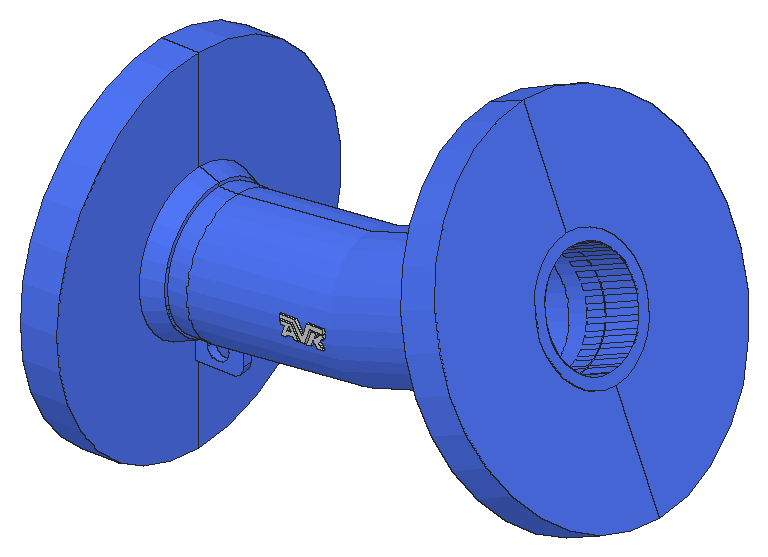
Revit family "712-0220-001-DN50", category Pipe Fittings, Revit 2019
Family settings
  Round Connector Dimension = Use Diameter
  Part Type = Elbow
  Work Plane-Based = No
  Always vertical = Yes
  Cut with Voids When Loaded = No
  Shared = No
Parameters (values of type "DN050_PN10/16")
  Search_Table = ""
  Rf_Dia = 49.5 mm
  RF_Thick = 3 mm
  L_Ref = 50 mm
  L = 104 mm  # constant formula
  ID(Radius) = [Nominal Diameter(DN)] / 2  # 25 mm
  Flange_thickness = 17 mm
  Nominal Diameter(DN) = 50 mm  # constant formula
  FOD = 82.5 mm
  URL product pages = "https://www.avkvalves.com/P.aspx?no=712005002201"
  Description_ = "AVK FLANGED BEND 22.5° W/LOOSE FLANGES, PN 10/16"
  DN050_PN10/16 = "712-0050-02-201"
  DN050_ PN10/16 = yes
  Body_wallthickness = 15 mm + [Nominal Diameter(DN)]  # 65 mm
  A = 22.50°  # constant formula
Reference planes
  plane 1 "Center (Front/Back)": y = 0
  plane 2: z = 0
  plane 3 "Center (Left/Right)": x = 0
  plane 4: z = -130
  plane 5: x = 104
  plane 6: through (104, -1524, 0) normal (0.9239, 0, 0.3827)
  plane 7: through (200.083, -1524, 39.799) normal (0.9239, 0, 0.3827)
  plane 8: z = 0
  plane 9: through (200.083, -1524, 39.799) normal (0.3827, 0, -0.9239)
  plane 10: z = -45
  plane 11: x = 39.494
  plane 12: x = 34.592
  plane 13: z = -40
Forms (mm)
  Sweep 1, solid, material "Plastic"
    path origin (0, 0, 0) x (1, 0, 0) y (0, 0, -1)
      loop
        line (0, 0) -> (35.375, 0)
        arc (35.375, 0) -> (102.681, -6.629) -> (167.401, -26.262) r 345
        line (167.401, -26.262) -> (200.083, -39.799)
    profile origin (17.688, 0, 0) x (0, 0, 1) y (0, -1, 0)
      loop
        circle (0, 0) r 25
      loop
        circle (0, 0) r 30
  Revolve 2, solid, material "Plastic"
    sketch origin (0, 0, 0) x (1, 0, 0) y (0, 0, -1)
      loop
        line (0, 25) -> (17, 25) -> (17, 82.5) -> (0, 82.5) -> (0, 25)
      axis (0, 0) -> (17, 0)
    angle from 0 to 360
  Revolve 3, solid, material "Plastic"
    sketch origin (0, 0, 0) x (1, 0, 0) y (0, 0, -1)
      loop
        line (209.651, -16.702) -> (231.655, 36.421) -> (215.949, 42.927) -> (193.945, -10.196) -> (209.651, -16.702)
      axis (200.083, -39.799) -> (184.378, -33.293)
    angle from 0 to 360
  Revolve 4, solid, material "Plastic"
    sketch origin (0, 0, 0) x (1, 0, 0) y (0, 0, -1)
      loop
        line (17, 25) -> (26.239, 25) -> (26.239, 31.173) -> (17, 35) -> (17, 25)
      axis (17, 0) -> (26.239, 0)
    angle from 0 to 360
  Revolve 5, solid, material "Plastic"
    sketch origin (0, 0, 0) x (1, 0, 0) y (0, 0, -1)
      loop
        line (193.945, -10.196) -> (197.771, -0.958) -> (187.771, -0.958) -> (185.409, -6.661) -> (193.945, -10.196)
      axis (175.842, -29.758) -> (184.378, -33.293)
    angle from 0 to 360
  Extrusion 6, solid, material "Plastic"
    sketch origin (0, 0, 0) x (1, 0, 0) y (0, 0, 1)
      loop
        line (17, -25) -> (17, -45) -> (34.592, -45)
        arc (34.592, -45) -> (38.128, -43.536) -> (39.592, -40) r 5
        line (39.592, -40) -> (39.592, -25) -> (17, -25)
      loop
        circle (27.948, -36.838) r 5
    from -1.961 to 1.961
Dimensions and locks
  "L": plane 5 to plane 3 "Center (Left/Right)"
  "L": plane 6 to plane 7
  "Flange_thickness": Revolve 2 sketch curve to plane 3 "Center (Left/Right)"
  "ID(Radius)": plane 9 to Revolve 3 sketch curve
  "FOD": plane 9 to Revolve 3 sketch curve
  "Flange_thickness": Revolve 3 sketch curve to plane 7
  locked: Revolve 4 sketch curve to Revolve 4 sketch curve at 9.239
  locked: plane 9 to Revolve 5 sketch curve at 25
  locked: plane 9 to Revolve 5 sketch curve at 35
  locked: plane 9 to Revolve 5 sketch curve at 31.173
  locked: Revolve 5 sketch curve to Revolve 3 at 9.239
  "ID(Radius)": level to Extrusion 6 sketch curve
  equal spacing: Extrusion 6, plane 1 "Center (Front/Back)", Extrusion 6
  locked: Extrusion 6 to Extrusion 6 at 3.923
  "ID(Radius)": radius of Sweep 1 sketch curve
  diameter of Sweep 1 sketch curve = 60 mm
  "A": angle plane 5 to plane 6
  locked: plane 3 "Center (Left/Right)" to plane 7 (angle 22.50°)
  aligned and locked: level to plane 2
  aligned and locked: Sweep 1 sketch curve to plane 3 "Center (Left/Right)"
  aligned and locked: plane 7 to Sweep 1 sketch curve
  aligned and locked: plane 3 "Center (Left/Right)" to Revolve 2 sketch curve
  aligned and locked: Revolve 2 sketch curve to plane 8
  aligned and locked: plane 7 to Revolve 3 sketch curve
  aligned and locked: Revolve 3 sketch curve to plane 9
  aligned and locked: Revolve 4 sketch curve to Revolve 2  (x2)
  aligned and locked: Revolve 5 sketch curve to plane 9
  aligned and locked: plane 8 to level
  aligned and locked: Revolve 2 to Extrusion 6 sketch curve
  aligned and locked: plane 12 to Extrusion 6 sketch curve
  aligned and locked: plane 13 to Extrusion 6 sketch curve
  aligned and locked: plane 10 to Extrusion 6 sketch curve
Automatic sketch dimensions
  Sweep 1 sketch curve to plane 8 = 0 mm
  plane 9 to Sweep 1 sketch curve = 0 mm
  Sweep 1 sketch curve to plane 9 = 0 mm
  Sweep 1 sketch curve to plane 3 "Center (Left/Right)" = 35.375 mm
  plane 8 to Sweep 1 sketch curve = 26.262 mm
  Revolve 4 sketch curve to plane 8 = 0 mm
  Revolve 4 sketch curve to plane 8 = 25 mm
  Revolve 4 sketch curve to Revolve 4 sketch curve = 6.173 mm
  Revolve 4 sketch curve to Revolve 4 sketch curve = 10 mm
  Revolve 4 sketch curve to Revolve 4 sketch curve = 9.239 mm
  plane 8 to Revolve 5 sketch curve = 29.758 mm
  plane 8 to Revolve 5 sketch curve = 35.498 mm
  Sweep 1 sketch curve to Sweep 1 sketch curve = 0 mm  (x2)
  Sweep 1 sketch curve to plane 1 "Center (Front/Back)" = 0 mm
  profile plane to Sweep 1 sketch curve = 0 mm
  Revolve 2 sketch curve to plane 3 "Center (Left/Right)" = 0 mm
  level to Revolve 2 sketch curve = 25 mm
  Revolve 2 sketch curve to plane 4 = 47.5 mm
  Revolve 2 sketch curve to plane 3 "Center (Left/Right)" = 17 mm
  Revolve 3 sketch curve to plane 7 = 0 mm
  Revolve 3 sketch curve to level = 34.059 mm
  plane 13 to Extrusion 6 sketch curve = 3.162 mm
  Extrusion 6 sketch curve to plane 12 = 6.645 mm
  radius of Extrusion 6 sketch curve = 5 mm
Nested families
  nested 1: "Latest 1" at (90.213, -29.761, 0.562) x (0.9998, 0.0196, 0.0025) z (0.0198, -0.992, -0.1243), type "Latest 1"
Connectors
  piping at (200.083, 0, 39.799), diameter 50, driven by "Nominal Diameter(DN)"
    settings: on Revolve 3, index 1, connector inside diameter 609.6 mm, connector length 0 mm, flow factor 0, pipe flow 0.0 L/s, pressure drop 0.0 Pa, fitting loss kfactor 0, connector angle 0.00°, fixture units 0, engagement length 0 mm, angle of deflection 0.00°, flow configuration 0, flow direction 0, fitting loss method 0, system type 7, joint type 0, gender type 0, connector reference index -1, connector utility 0, adjustable connector no, is connector primary yes, connector description ""
  piping at (0, 0, 0), diameter 50, driven by "Nominal Diameter(DN)"
    settings: on Revolve 2, index 2, connector inside diameter 609.6 mm, connector length 0 mm, flow factor 0, pipe flow 0.0 L/s, pressure drop 0.0 Pa, fitting loss kfactor 0, connector angle 0.00°, fixture units 0, engagement length 0 mm, angle of deflection 0.00°, flow configuration 0, flow direction 0, fitting loss method 0, system type 7, joint type 0, gender type 0, connector reference index -1, connector utility 0, adjustable connector no, is connector primary no, connector description ""
Definition of nested family "Latest 1"
  Parameters
    Default Elevation = 1219.2 mm
  Reference planes
    plane 1 "Center (Front/Back)": y = 0
    plane 2: z = 0
    plane 3 "Center (Left/Right)": x = 0
  Forms (mm)
    Extrusion 1, solid
      sketch origin (0, 0, 0) x (1, 0, 0) y (0, 1, 0)
        loop
          line (-1219.2, 1219.2) -> (-1219.2, -1219.2) -> (1219.2, -1219.2) -> (1219.2, 1219.2) -> (-1219.2, 1219.2)
      from 0 to -304.8
    Extrusion 2, solid
      sketch origin (0, 0, 0) x (1, 0, 0) y (0, 1, 0)
        loop
          line (-2.683, 9.413) -> (-9.884, 9.413) -> (-9.884, 7.46) -> (-4.022, 7.46) -> (-0.985, 0) -> (0.985, 0) -> (4.022, 7.46) -> (9.884, 7.46) -> (9.884, 9.413) -> (2.683, 9.413) -> (0, 2.824) -> (-2.683, 9.413)
        loop
          line (-4.528, 6.707) -> (-9.884, 6.707) -> (-9.884, 4.824) -> (-8.032, 4.824) -> (-9.884, 0) -> (-7.792, 0) -> (-7.394, 1.035) -> (-4.328, 1.035) -> (-3.907, 0) -> (-1.798, 0) -> (-4.528, 6.707)
        loop
          line (-6.91, 2.824) -> (-5.056, 2.824) -> (-6.01, 5.167) -> (-6.91, 2.824)
        loop
          line (1.798, 0) -> (3.907, 0) -> (4.98, 2.637) -> (6.968, 0) -> (9.413, 0) -> (7.166, 2.983)
          arc (7.166, 2.983) -> (8.216, 3.774) -> (9.007, 4.824) r 4.724
          line (9.007, 4.824) -> (9.884, 4.824) -> (9.884, 6.707) -> (8.001, 6.707)
          arc (8.001, 6.707) -> (7.315, 5.008) -> (5.642, 4.261) r 2.448
          line (5.642, 4.261) -> (6.637, 6.707) -> (4.528, 6.707) -> (1.798, 0)
      from 0 to 1
  Dimensions and locks
    aligned and locked: plane 2 to Extrusion 1
    aligned and locked: level to Extrusion 1
    aligned and locked: Extrusion 2 sketch curve to import instance  (x30)
